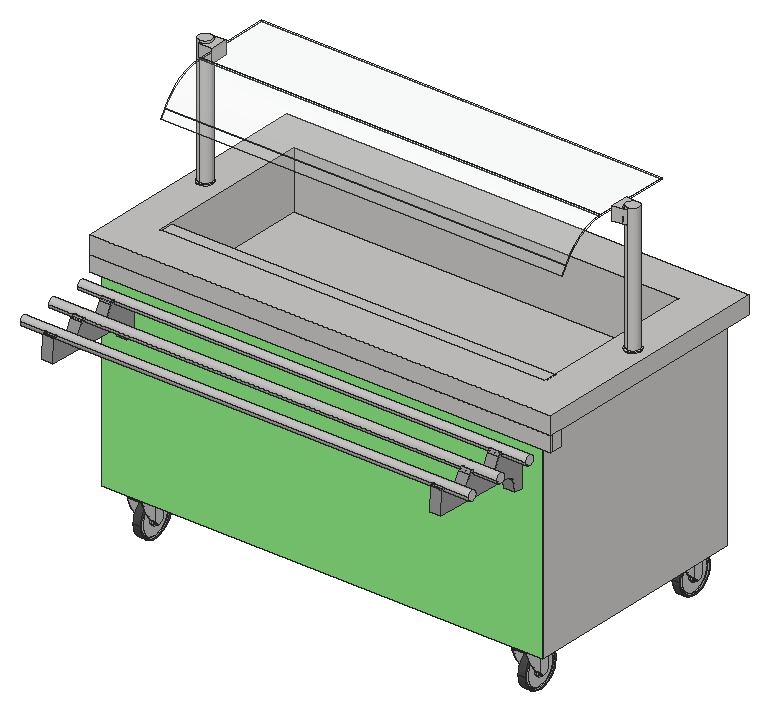
Revit family "QF_BOURGEAT_Self_Bain_marie_air_4GN", category Equipement spécialisé, Revit 2015
Parameters (values of type "4GN_reserve+roues+presentoir_neutre")
  URL catalogue = "http://www.bourgeat.fr/fr/"
  URL = ""
  Type de Raccord Electrique = ""
  Type article = ""
  Tension = 230 V
  Spécification du Fabricant = "Bain-marie Oasis"
  Roues = yes
  Remarques Electricité = ""
  Puissance électrique  = 4200 W
  Profondeur hors tout = 820 mm
  Poids net à vide = 190.00 kg
  Pieds = no
  lgmeuble = Longueur hors tout - 68 mm  # 1466 mm
  lgconsole = Longueur hors tout - 44 mm  # 1490 mm
  lg_presentoir = lgmeuble - 44 mm  # 1422 mm
  lg_porte = (lg_etagere / 2) + 10 mm  # 541 mm
  lg_etagere = lgmeuble - 404 mm  # 1062 mm
  Reserves = yes
  Presentoir = yes
  Phase = 2
  Nature isolant = "Laine de verre"
  Modèle = "851214+854950+851314"
  Longueur hors tout = 1534 mm
  Intensité nominale = 18.2609 A
  Indice de protection = "21"
  Hauteur hors tout = 1330 mm
  Fréquence = 50 Hz
  Fabricant = "BOURGEAT"
  Etageres = no
  Cuve à eau = no
  Cuve à air = yes
  Contact SAV = "0033 (0)4.76.32.14.44"
  Charge max = 200.00 kg
  Certification = "NF alimentaire"
Types (18, lengths in mm): name | Roues | Puissance électrique  | Poids net à vide | Pieds | Reserves | Presentoir | Modèle | Intensité nominale | Hauteur hors tout | Etageres
  4GN_baie_libre | no | 3300 W | 170.00 kg | yes | no | no | "851014" | 14.3478 A | 900 | no
  4GN_reserve | no | 4200 W | 170.00 kg | yes | yes | no | "851214" | 18.2609 A | 900 | no
  4GN_baie_libre+roues | no | 3300 W | 170.00 kg | no | yes | no | "851014+854950" | 14.3478 A | 900 | no
  4GN_baie_libre+etageres | no | 3300 W | 170.00 kg | yes | no | no | "851014+854933" | 14.3478 A | 900 | yes
  4GN_baie_libre+presentoir_neutre | no | 3300 W | 190.00 kg | yes | no | yes | "851014+851314" | 14.3478 A | 1330 | no
  4GN_baie_libre+presentoir_chauffant | no | 3940 W | 190.00 kg | yes | no | yes | "851014+851314" | 17.1304 A | 1330 | no
  4GN_baie_libre+roues+etageres | yes | 3300 W | 170.00 kg | no | yes | no | "851014+854950+854934" | 14.3478 A | 900 | yes
  4GN_baie_libre+roues+presentoir_neutre | yes | 3300 W | 190.00 kg | no | yes | yes | "851014+854950+851314" | 14.3478 A | 1330 | no
  4GN_baie_libre+roues+presentoir_chauffant | yes | 3940 W | 190.00 kg | no | yes | yes | "851014+854950+851304" | 17.1304 A | 1330 | no
  4GN_baie_libre+etageres+presentoir_chauffant | no | 3940 W | 190.00 kg | yes | no | yes | "851014+854933+851304" | 17.1304 A | 1330 | yes
  4GN_baie_libre+etageres+presentoir_neutre | no | 3300 W | 190.00 kg | yes | no | yes | "851014+854933+851314" | 14.3478 A | 1330 | yes
  4GN_baie_libre+roues+presentoir_chauffant_etageres | yes | 3940 W | 190.00 kg | no | yes | yes | "851014+854950+851304+854934" | 17.1304 A | 1330 | yes
  4GN_baie_libre+roues+presentoir_neutre_etageres | yes | 3300 W | 190.00 kg | no | yes | yes | "851014+854950+851314+854934" | 14.3478 A | 1330 | yes
  4GN_reserve+roues | yes | 4200 W | 170.00 kg | no | yes | no | "851214+854950" | 18.2609 A | 900 | no
  4GN_reserve+presentoir_neutre | no | 4200 W | 190.00 kg | yes | yes | yes | "851214+851314" | 18.2609 A | 1330 | no
  4GN_reserve+presentoir_chauffant | no | 4840 W | 190.00 kg | yes | yes | yes | "851214+851304" | 21.0435 A | 1330 | no
  4GN_reserve+roues+presentoir_neutre | yes | 4200 W | 190.00 kg | no | yes | yes | "851214+854950+851314" | 18.2609 A | 1330 | no
  4GN_reserve+roues+presentoir_chauffant | yes | 4800 W | 190.00 kg | no | yes | yes | "851214+854950+851304" | 21.0435 A | 1330 | no
Reference planes
  plane 1 "Centre (avant/arrière)": y = 0
  plane 2: z = 0
  plane 3 "Centre (gauche/droite)": x = 0
  plane 4: z = 235
  plane 5: z = 465
  plane 6: y = 820
  plane 7: z = 284
  plane 8: z = 640
  plane 9: y = 598
  plane 10: x = -1401
  plane 11: z = 765
  plane 12: x = -1380
  plane 13: x = -90
  plane 14: x = 0
  plane 15: x = -1466
Forms (mm)
  Extrusion 1, solid
    sketch origin (680, 0, 0) x (1, 0, 0) y (0, 1, 0)
      loop
        circle (-2081, 598) r 10
    from 147.743 to 160
Dimensions and locks
  locked: nested 2 to plane 2 at 905
  locked: plane 4 to plane 2 at 235
  locked: plane 6 to nested 1 at 47
  locked: plane 7 to plane 2 at 284
  nested 1 to plane 2 = 160 mm
  locked: plane 8 to plane 2 at 640
  locked: nested 1 to plane 9 at 175
  locked: nested 11 to plane 11 at 135
  nested 1 to plane 12 = 86 mm
  nested 1 to plane 13 = 90 mm
  locked: plane 13 to plane 14 at 90
  locked: plane 15 to plane 10 at 65
  aligned and locked: level to plane 2
  aligned and locked: plane 4 to nested 8
  aligned and locked: nested 9 to plane 5
  aligned and locked: nested 7 to nested 8
  aligned and locked: nested 9 to nested 1  (x2)
  aligned and locked: nested 7 to nested 1
  aligned and locked: nested 8 to nested 1  (x2)
  aligned and locked: nested 11 to plane 6
  aligned and locked: nested 10 to plane 6
  aligned and locked: nested 10 to nested 1  (x2)
  aligned and locked: nested 11 to nested 10
  aligned and locked: plane 1 "Centre (avant/arrière)" to nested 11  (x2)
  aligned and locked: nested 1 to nested 2
  aligned and locked: nested 2 to nested 11
  aligned and locked: nested 11 to nested 1
  aligned and locked: nested 4 to nested 11
  aligned and locked: nested 12 to nested 1
  aligned and locked: nested 12 to nested 9
  aligned and locked: nested 12 to nested 13
  aligned and locked: plane 2 to nested 4
  aligned and locked: nested 5 to plane 2
  aligned and locked: nested 6 to plane 2
  aligned and locked: nested 11 to nested 5
  aligned and locked: nested 11 to nested 6
  aligned and locked: nested 11 to nested 2
  aligned and locked: nested 1 to nested 14  (x2)
  aligned and locked: nested 14 to nested 1
  aligned and locked: nested 11 to nested 15
  aligned and locked: nested 3 to nested 11
  aligned and locked: nested 16 to nested 14  (x2)
  aligned and locked: nested 1 to nested 16
  aligned and locked: nested 15 to plane 7
  aligned and locked: nested 3 to nested 17  (x2)
  aligned and locked: nested 4 to nested 18  (x2)
  aligned and locked: nested 6 to nested 19  (x2)
  aligned and locked: nested 5 to nested 20  (x2)
  aligned and locked: plane 8 to nested 7
  aligned and locked: plane 10 to Extrusion 1 sketch curve
  aligned and locked: plane 9 to Extrusion 1 sketch curve
  aligned and locked: Extrusion 1 to nested 1
  aligned and locked: nested 1 to nested 21
  aligned and locked: nested 1 to nested 22
  aligned and locked: plane 11 to nested 21
  aligned and locked: nested 21 to plane 12
  aligned and locked: nested 13 to nested 1
  aligned and locked: nested 22 to plane 11
  aligned and locked: nested 22 to plane 13
  aligned and locked: nested 1 to plane 14
  aligned and locked: plane 3 "Centre (gauche/droite)" to plane 14
  aligned and locked: plane 15 to nested 1
Nested families
  nested 1: "corps_meuble" at (0, 8, 160), type "corps_meuble"
    with lg_meuble 1466 mm
  nested 2: "presentoir" at (-733, 410, 551.997) x (0, 1, 0) z (0, 0, 1), visible <- "Presentoir", type "presentoir"
    with lg_presentoir 1422 mm
  nested 3: "pied" at (-1373, 720, 0), visible <- "Pieds", type "pied"
  nested 4: "pied" at (-1373, 58.814, 0), visible <- "Pieds", type "pied"
  nested 5: "pied" at (-93, 700, 0), visible <- "Pieds", type "pied"
  nested 6: "pied" at (-93, 58.814, 0), visible <- "Pieds", type "pied"
  nested 7: "barre_et_console" at (-733, 8, 465) x (-1, 0, 0) z (0, 0, 1), type "barre_et_console"
    with lg_barre_console 1490 mm
  nested 8: "etagere" at (-733, 88, 197) x (-1, 0, 0) z (0, 0, 1), visible <- "Etageres", type "etagere"
    with lg_etagere 1062 mm
  nested 9: "etagere" at (-733, 88, 427) x (-1, 0, 0) z (0, 0, 1), visible <- "Etageres", type "etagere"
    with lg_etagere 1062 mm
  nested 10: "cuve" at (-733, 410, 708), visible <- "Cuve à air", type "cuve_air"
    with lg_cuve 1534 mm, lg_bloc_ventillation 1280 mm
  nested 11: "cuve" at (-733, 410, 708), visible <- "Cuve à eau", type "cuve_eau"
    with lg_cuve 1534 mm, lg_bloc_ventillation 1280 mm
  nested 12: "porte" at (-723, 735, 160), visible <- "Reserves", type "porte"
    with lg_porte 541 mm
  nested 13: "porte" at (-202, 757, 160), visible <- "Reserves", type "porte"
    with lg_porte 541 mm
  nested 14: "bandeau" at (-733, 773, 657), type "bandeau"
    with lg_bandeau 1062 mm
  nested 15: "IHM" at (-2953.78, 529.137, -323.91) x (-1, 0, 0) z (0, 0, 1), type "IHM"
  nested 16: "rail_porte" at (-733, 763, 567), visible <- "Reserves", type "rail_porte"
    with lg_rail 1062 mm
  nested 17: "roue_ht160" at (-1373, 720, 0), visible <- "Roues", type "roue_ht160"
    with Sans frein yes, Avec frein yes
  nested 18: "roue_ht160" at (-1373, 58.814, 0), visible <- "Roues", type "roue_ht160"
    with Sans frein yes, Avec frein no
  nested 19: "roue_ht160" at (-93, 58.814, 0), visible <- "Roues", type "roue_ht160"
    with Sans frein yes, Avec frein no
  nested 20: "roue_ht160" at (-93, 700, 0), visible <- "Roues", type "roue_ht160"
    with Sans frein yes, Avec frein yes
  nested 21: "Prise" at (-1337, 798, 722), type "Prise"
  nested 22: "Prise" at (-133, 798, 722), type "Prise"
Connectors
  electrical at (-1401, 598, 147.743), driven by "Tension"
    settings: on Extrusion 1, index 1, voltage 230 V, apparent load 0 VA, apparent load phase1 3300 VA, apparent load phase2 0 VA, apparent load phase3 0 VA, power factor 1, load classification "Autre", number of poles 1, system type 30, power factor state 1, is connector primary yes, connector utility no, sub classification motor no, connector description ""
Definition of nested family "corps_meuble"
  Parameters (values of type "corps_meuble")
    lg_meuble = 1141 mm
  Reference planes
    plane 1 "Centre (avant/arrière)": y = 0
    plane 2: z = 0
    plane 3 "Centre (gauche/droite)": x = 0
    plane 4: x = -480.227
    plane 5: z = 680
    plane 6: x = -570.5
    plane 7: x = -379.227
    plane 8: x = -1141
    plane 9: x = -1091
    plane 10: x = -202
    plane 11: x = -50
    plane 12: x = -939
    plane 13: y = -1
  Forms (mm)
    Extrusion 1, solid
      sketch origin (-379.227, -50.814, 0) x (1, 0, 0) y (0, 1, 0)
        loop
          line (-761.773, 815.814) -> (-761.773, 50.814) -> (379.227, 50.814) -> (379.227, 815.814) -> (177.227, 815.814) -> (177.227, 130.814) -> (-559.773, 130.814) -> (-559.773, 815.814) -> (-761.773, 815.814)
      from 0 to 680
    Extrusion 2, void
      sketch origin (-379.227, 0, 0) x (1, 0, 0) y (0, 1, 0)
        loop
          line (-711.773, 699.99) -> (-711.773, 119.99) -> (329.227, 119.99) -> (329.227, 699.99) -> (-711.773, 699.99)
      from 541.178 to 680
    Extrusion 3, solid
      sketch origin (0, 0, 0) x (1, 0, 0) y (0, 0, 1)
        loop
          line (-1141, 680) -> (-1141, 0) -> (0, 0) -> (0, 680) -> (-1141, 680)
      from 0 to 1
  Cuts and joins
    Extrusion 2 cuts Extrusion 1
  Dimensions and locks
    locked: plane 5 to plane 2 at 680
    locked: plane 8 to plane 9 at 50
    locked: plane 10 to plane 3 "Centre (gauche/droite)" at 202
    locked: plane 11 to plane 3 "Centre (gauche/droite)" at 50
    equal spacing: plane 8, plane 6, plane 3 "Centre (gauche/droite)"
    "lg_meuble": plane 8 to plane 3 "Centre (gauche/droite)"
    locked: plane 8 to plane 12 at 202
    aligned and locked: level to plane 2
    aligned and locked: plane 5 to Extrusion 1
    aligned and locked: cut or joined group of Extrusion 1, Extrusion 2 to plane 8
    aligned and locked: Extrusion 2 to plane 9
    aligned and locked: Extrusion 1 to plane 10
    aligned and locked: plane 11 to cut or joined group of Extrusion 1, Extrusion 2
    aligned and locked: plane 12 to cut or joined group of Extrusion 1, Extrusion 2
    aligned and locked: Extrusion 3 sketch curve to cut or joined group of Extrusion 1, Extrusion 2  (x4)
    aligned and locked: Extrusion 3 to plane 13
  Automatic sketch dimensions
    Extrusion 1 sketch curve to plane 8 = 0 mm
    Extrusion 1 sketch curve to plane 10 = 0 mm
    plane 1 "Centre (avant/arrière)" to Extrusion 1 sketch curve = 0 mm
    Extrusion 1 sketch curve to plane 3 "Centre (gauche/droite)" = 0 mm
    Extrusion 1 sketch curve to plane 1 "Centre (avant/arrière)" = 80 mm
    Extrusion 1 sketch curve to plane 6 = 368.5 mm
    Extrusion 1 sketch curve to Extrusion 1 sketch curve = 685 mm
    Extrusion 1 sketch curve to Extrusion 1 sketch curve = 765 mm
    Extrusion 2 sketch curve to plane 9 = 0 mm
    Extrusion 2 sketch curve to plane 11 = 0 mm
    Extrusion 2 sketch curve to plane 1 "Centre (avant/arrière)" = 119.99 mm
    Extrusion 2 sketch curve to Extrusion 2 sketch curve = 580 mm
Definition of nested family "presentoir"
  Parameters (values of type "presentoir")
    lg_presentoir = 1097 mm
  Reference planes
    plane 1 "Centre (avant/arrière)": y = 0
    plane 2: z = 0
    plane 3 "Centre (gauche/droite)": x = 0
    plane 4: x = 0
    plane 5: y = 0
    plane 6: z = 348.003
    plane 7: z = 775.003
    plane 8: z = 353.003
    plane 9: z = 770.54
    plane 10: z = 727.003
    plane 11: y = 548.5
    plane 12: y = -548.5
    plane 13: y = 548.5
    plane 14: y = -548.5
  Forms (mm)
    Extrusion 1, solid
      sketch origin (0, 0, 0) x (1, 0, 0) y (0, 0, 1)
        loop
          line (-240.07, 650.474) -> (-234.874, 647.474) -> (-219.875, 673.453)
          arc (-219.875, 673.453) -> (-158.748, 734.58) -> (-75.248, 756.953) r 167
          line (-75.248, 756.953) -> (179.75, 756.953) -> (179.75, 762.953) -> (-75.248, 762.953)
          arc (-75.248, 762.953) -> (-161.33, 740.45) -> (-224.372, 677.664) r 170.59
          line (-224.372, 677.664) -> (-240.07, 650.474)
      from -503.5 to 503.5
    Extrusion 2, solid
      sketch origin (0, 0, 0) x (1, 0, 0) y (0, 1, 0)
        loop
          line (-25, 548.5) -> (-30.461, 503.5) -> (30.461, 503.5) -> (25, 548.5)
          arc (25, 548.5) -> (0, 523.5) -> (-25, 548.5) r 25
        loop
          arc (-25, -548.5) -> (0, -523.5) -> (25, -548.5) r 25
          line (25, -548.5) -> (30.461, -503.5) -> (-30.461, -503.5) -> (-25, -548.5)
      from 727.003 to 770.54
    Extrusion 3, solid
      sketch origin (0, -396.5, 0) x (1, 0, 0) y (0, 1, 0)
        loop
          circle (0, 945) r 21.2
        loop
          circle (0, -152) r 21.2
      from 353.003 to 775.003
    Revolve 4, solid
      sketch origin (0, 0, 0) x (0, 1, 0) y (0, 0, 1)
        loop
          line (-548.5, 353.003) -> (-569.7, 353.003) -> (-573.5, 349.203) -> (-573.5, 348.003) -> (-548.5, 348.003) -> (-548.5, 353.003)
        axis (-548.5, 353.003) -> (-548.5, 348.003)
      angle from 0 to 360
    Revolve 5, solid
      sketch origin (0, 0, 0) x (0, -1, 0) y (0, 0, 1)
        loop
          line (-548.5, 353.003) -> (-569.7, 353.003) -> (-573.5, 349.203) -> (-573.5, 348.003) -> (-548.5, 348.003) -> (-548.5, 353.003)
        axis (-548.5, 353.003) -> (-548.5, 348.003)
      angle from 0 to 360
  Dimensions and locks
    equal spacing: plane 11, plane 1 "Centre (avant/arrière)", plane 12
    "lg_presentoir": plane 11 to plane 12
    locked: Extrusion 2 sketch curve to plane 14 at 45
    locked: plane 13 to Extrusion 2 sketch curve at 45
    aligned and locked: level to plane 2
    aligned and locked: plane 3 "Centre (gauche/droite)" to plane 4
    aligned and locked: Extrusion 3 to plane 7
    aligned and locked: plane 8 to Extrusion 3
    aligned and locked: Extrusion 2 to plane 9
    aligned and locked: plane 10 to Extrusion 2
    aligned and locked: plane 1 "Centre (avant/arrière)" to plane 5
    aligned and locked: plane 11 to Extrusion 3
    aligned and locked: plane 12 to Extrusion 3
    aligned and locked: plane 13 to plane 11
    aligned and locked: plane 14 to plane 12
    aligned and locked: Extrusion 1 to Extrusion 2  (x2)
  Automatic sketch dimensions
    Extrusion 1 sketch curve to plane 3 "Centre (gauche/droite)" = 240.07 mm
    plane 10 to Extrusion 1 sketch curve = 79.529 mm
    Extrusion 1 sketch curve to Extrusion 1 sketch curve = 5.196 mm
    plane 10 to Extrusion 1 sketch curve = 49.34 mm
    Extrusion 1 sketch curve to Extrusion 1 sketch curve = 15.698 mm
    plane 10 to Extrusion 1 sketch curve = 53.55 mm
    Extrusion 1 sketch curve to plane 3 "Centre (gauche/droite)" = 76.636 mm
    Extrusion 1 sketch curve to Extrusion 1 sketch curve = 1.388 mm
    Extrusion 1 sketch curve to Extrusion 1 sketch curve = 0 mm
    plane 9 to Extrusion 1 sketch curve = 13.587 mm
    plane 3 "Centre (gauche/droite)" to Extrusion 1 sketch curve = 179.75 mm
    Extrusion 1 sketch curve to Extrusion 1 sketch curve = 2.415 mm
    Extrusion 2 sketch curve to plane 14 = 0 mm
    plane 11 to Extrusion 2 sketch curve = 0 mm
    Extrusion 2 sketch curve to plane 3 "Centre (gauche/droite)" = 0 mm  (x2)
    Extrusion 2 sketch curve to Extrusion 2 sketch curve = 25 mm  (x2)
    Extrusion 2 sketch curve to plane 3 "Centre (gauche/droite)" = 30.461 mm  (x2)
    plane 3 "Centre (gauche/droite)" to Extrusion 2 sketch curve = 30.461 mm  (x2)
    Extrusion 3 sketch curve to plane 3 "Centre (gauche/droite)" = 0 mm  (x2)
    Extrusion 3 sketch curve to plane 12 = 0 mm
    plane 11 to Extrusion 3 sketch curve = 0 mm
    Revolve 4 sketch curve to plane 6 = 0 mm
    Revolve 4 sketch curve to plane 8 = 0 mm
    Revolve 4 sketch curve to plane 12 = 0 mm  (x2)
    Revolve 4 sketch curve to Revolve 4 sketch curve = 21.2 mm
    Revolve 4 sketch curve to Revolve 4 sketch curve = 3.8 mm
    Revolve 4 sketch curve to Revolve 4 sketch curve = 1.2 mm
    Revolve 4 sketch curve to plane 6 = 14.256 mm
    plane 8 to Revolve 4 sketch curve = 30.744 mm
    Revolve 5 sketch curve to plane 6 = 0 mm
    plane 8 to Revolve 5 sketch curve = 0 mm
    Revolve 5 sketch curve to plane 11 = 0 mm  (x2)
    Revolve 5 sketch curve to plane 11 = 21.2 mm
    Revolve 5 sketch curve to Revolve 5 sketch curve = 3.8 mm
    Revolve 5 sketch curve to Revolve 5 sketch curve = 1.2 mm
    plane 6 to Revolve 5 sketch curve = 14.256 mm
    Revolve 5 sketch curve to Revolve 5 sketch curve = 30.744 mm
    radius of Extrusion 3 sketch curve = 21.2 mm  (x2)
Definition of nested family "pied"
  Reference planes
    plane 1 "Centre (avant/arrière)": y = 0
    plane 2: z = 0
    plane 3 "Centre (gauche/droite)": x = 0
  Forms (mm)
    Revolve 1, solid
      sketch origin (0, 0, 0) x (1, 0, 0) y (0, 0, 1)
        loop
          line (0, 160) -> (-33, 160) -> (-33, 70) -> (-28, 70) -> (-28, 0) -> (0, 0) -> (0, 160)
        axis (0, 160) -> (0, 0)
      angle from 0 to 360
  Dimensions and locks
    plane 3 "Centre (gauche/droite)" to Revolve 1 sketch curve = 28 mm
    Revolve 1 sketch curve to plane 3 "Centre (gauche/droite)" = 33 mm
    Revolve 1 sketch curve to plane 2 = 70 mm
    Revolve 1 sketch curve to Revolve 1 sketch curve = 90 mm
    aligned and locked: level to plane 2
Definition of nested family "barre_et_console"
  Parameters (values of type "barre_et_console")
    lg_barre_console = 1165 mm
  Reference planes
    plane 1 "Centre (avant/arrière)": y = 0
    plane 2: z = 0
    plane 3 "Centre (gauche/droite)": x = 0
    plane 4: x = -582.5
    plane 5: x = 582.5
    plane 6: x = -482.5
    plane 7: x = 482.5
    plane 8: z = 320.378
    plane 9: z = 175
  Dimensions and locks
    locked: plane 4 to plane 6 at 100
    locked: plane 7 to plane 5 at 100
    equal spacing: plane 4, plane 3 "Centre (gauche/droite)", plane 5
    "lg_barre_console": plane 4 to plane 5
    aligned and locked: level to plane 2
    aligned and locked: nested 1 to plane 1 "Centre (avant/arrière)"
    aligned and locked: plane 6 to nested 1
    aligned and locked: plane 7 to nested 2
    aligned and locked: plane 5 to nested 3
    aligned and locked: nested 3 to plane 4
    aligned and locked: plane 8 to nested 3
    aligned and locked: plane 9 to nested 1
  Nested families
    nested 1: "console" at (-482.5, 0, 0) x (0, 1, 0) z (0, 0, 1), type "console"
    nested 2: "console" at (482.5, 0, 0) x (0, 1, 0) z (0, 0, 1), type "console"
    nested 3: "barre" at (582.5, 0, 19.415) x (0, 1, 0) z (0, 0, 1), type "barre"
  Definition of nested family "console"
    Reference planes
      plane 1 "Centre (avant/arrière)": y = 0
      plane 2: z = 0
      plane 3 "Centre (gauche/droite)": x = 0
      plane 4: y = 18
      plane 5: y = -18
      plane 6: y = 0
    Forms (mm)
      Extrusion 1, solid
        sketch origin (-12.245, 0, 175) x (1, 0, 0) y (0, 0, 1)
          loop
            line (12.245, 100) -> (12.245, 0) -> (39.579, 4.82) -> (50.894, 44.279)
            arc (50.894, 44.279) -> (55.986, 52.254) -> (64.592, 56.187) r 16.714
            line (64.592, 56.187) -> (348.499, 69.146) -> (343.309, 143.358)
            arc (343.309, 143.358) -> (342.973, 144.595) -> (342.189, 145.609) r 3.292
            line (342.189, 145.609) -> (337.923, 148.439)
            arc (337.923, 148.439) -> (337.371, 148.545) -> (336.906, 148.229) r 0.731
            arc (336.906, 148.229) -> (320.176, 130.386) -> (309.012, 152.149) r 14.958
            arc (309.012, 152.149) -> (308.597, 152.587) -> (308.001, 152.491) r 0.646
            line (308.001, 152.491) -> (297.265, 144.401) -> (278.874, 108.385)
            arc (278.874, 108.385) -> (262.102, 99.164) -> (245.329, 108.385) r 19.864
            line (245.329, 108.385) -> (229.634, 139.188) -> (217.945, 148.321)
            arc (217.945, 148.321) -> (217.306, 148.53) -> (216.976, 147.944) r 0.53
            arc (216.976, 147.944) -> (200.124, 130.629) -> (188.973, 152.064) r 14.905
            arc (188.973, 152.064) -> (188.691, 152.524) -> (188.154, 152.476) r 0.511
            line (188.154, 152.476) -> (177.098, 144.144) -> (158.855, 108.341)
            arc (158.855, 108.341) -> (142.039, 98.901) -> (125.223, 108.341) r 19.698
            line (125.223, 108.341) -> (109.334, 139.526) -> (97.932, 148.434)
            arc (97.932, 148.434) -> (97.187, 148.438) -> (96.994, 147.718) r 0.61
            arc (96.994, 147.718) -> (79.923, 130.663) -> (69.024, 152.192) r 14.902
            arc (69.024, 152.192) -> (68.66, 152.548) -> (68.158, 152.464) r 0.563
            line (68.158, 152.464) -> (57.103, 144.336) -> (39.164, 108.745)
            arc (39.164, 108.745) -> (33.443, 102.448) -> (25.295, 100) r 15.908
            line (25.295, 100) -> (12.245, 100)
        from -18 to 18
    Dimensions and locks
      plane 4 to plane 5 = 36 mm
      equal spacing: plane 4, plane 6, plane 5, locked at 18 each
      aligned and locked: level to plane 2
      aligned and locked: plane 4 to Extrusion 1
      aligned and locked: Extrusion 1 to plane 5
      aligned and locked: plane 6 to plane 1 "Centre (avant/arrière)"
      aligned and locked: Extrusion 1 to plane 3 "Centre (gauche/droite)"
    Automatic sketch dimensions
      Extrusion 1 sketch curve to Extrusion 1 sketch curve = 12.714 mm
      Extrusion 1 sketch curve to Extrusion 1 sketch curve = 13.05 mm
      Extrusion 1 sketch curve to Extrusion 1 sketch curve = 14.206 mm
      Extrusion 1 sketch curve to Extrusion 1 sketch curve = 27.334 mm
      Extrusion 1 sketch curve to Extrusion 1 sketch curve = 11.315 mm
      Extrusion 1 sketch curve to Extrusion 1 sketch curve = 17.938 mm
      Extrusion 1 sketch curve to Extrusion 1 sketch curve = 13.698 mm
      Extrusion 1 sketch curve to Extrusion 1 sketch curve = 16.057 mm
      Extrusion 1 sketch curve to Extrusion 1 sketch curve = 11.055 mm
      Extrusion 1 sketch curve to Extrusion 1 sketch curve = 0.333 mm
      Extrusion 1 sketch curve to Extrusion 1 sketch curve = 13.785 mm
      Extrusion 1 sketch curve to Extrusion 1 sketch curve = 15.28 mm
      Extrusion 1 sketch curve to Extrusion 1 sketch curve = 0.376 mm
      Extrusion 1 sketch curve to Extrusion 1 sketch curve = 11.401 mm
      Extrusion 1 sketch curve to Extrusion 1 sketch curve = 15.89 mm
      Extrusion 1 sketch curve to Extrusion 1 sketch curve = 16.816 mm  (x2)
      Extrusion 1 sketch curve to Extrusion 1 sketch curve = 18.243 mm
      Extrusion 1 sketch curve to Extrusion 1 sketch curve = 11.057 mm
      Extrusion 1 sketch curve to Extrusion 1 sketch curve = 0.308 mm
      Extrusion 1 sketch curve to Extrusion 1 sketch curve = 13.831 mm
      Extrusion 1 sketch curve to Extrusion 1 sketch curve = 15.204 mm
      Extrusion 1 sketch curve to Extrusion 1 sketch curve = 0.447 mm
      Extrusion 1 sketch curve to Extrusion 1 sketch curve = 11.69 mm
      Extrusion 1 sketch curve to Extrusion 1 sketch curve = 15.695 mm
      Extrusion 1 sketch curve to Extrusion 1 sketch curve = 16.772 mm  (x2)
      Extrusion 1 sketch curve to Extrusion 1 sketch curve = 18.391 mm
      Extrusion 1 sketch curve to Extrusion 1 sketch curve = 10.737 mm
      Extrusion 1 sketch curve to Extrusion 1 sketch curve = 0.389 mm
      Extrusion 1 sketch curve to Extrusion 1 sketch curve = 13.868 mm
      Extrusion 1 sketch curve to Extrusion 1 sketch curve = 15.261 mm
      Extrusion 1 sketch curve to Extrusion 1 sketch curve = 0.404 mm
      Extrusion 1 sketch curve to Extrusion 1 sketch curve = 2.506 mm
      Extrusion 1 sketch curve to Extrusion 1 sketch curve = 2.164 mm
      Extrusion 1 sketch curve to Extrusion 1 sketch curve = 1.12 mm
      Extrusion 1 sketch curve to Extrusion 1 sketch curve = 5.189 mm
      Extrusion 1 sketch curve to Extrusion 1 sketch curve = 4.639 mm
      Extrusion 1 sketch curve to Extrusion 1 sketch curve = 55.721 mm
      Extrusion 1 sketch curve to Extrusion 1 sketch curve = 8.745 mm
      Extrusion 1 sketch curve to Extrusion 1 sketch curve = 10.259 mm
      Extrusion 1 sketch curve to Extrusion 1 sketch curve = 10.642 mm
      Extrusion 1 sketch curve to Extrusion 1 sketch curve = 9.133 mm
      Extrusion 1 sketch curve to Extrusion 1 sketch curve = 31.185 mm
      Extrusion 1 sketch curve to Extrusion 1 sketch curve = 35.803 mm
      Extrusion 1 sketch curve to Extrusion 1 sketch curve = 35.592 mm
      Extrusion 1 sketch curve to Extrusion 1 sketch curve = 3.24 mm
      Extrusion 1 sketch curve to Extrusion 1 sketch curve = 2.946 mm
      Extrusion 1 sketch curve to Extrusion 1 sketch curve = 1.042 mm
      Extrusion 1 sketch curve to Extrusion 1 sketch curve = 0.609 mm
      Extrusion 1 sketch curve to Extrusion 1 sketch curve = 8.427 mm
      Extrusion 1 sketch curve to Extrusion 1 sketch curve = 0.286 mm
      Extrusion 1 sketch curve to Extrusion 1 sketch curve = 0.481 mm
      Extrusion 1 sketch curve to Extrusion 1 sketch curve = 0.516 mm
      Extrusion 1 sketch curve to Extrusion 1 sketch curve = 7.674 mm
      Extrusion 1 sketch curve to Extrusion 1 sketch curve = 7.924 mm
      Extrusion 1 sketch curve to Extrusion 1 sketch curve = 0.453 mm
      Extrusion 1 sketch curve to Extrusion 1 sketch curve = 0.408 mm
      Extrusion 1 sketch curve to Extrusion 1 sketch curve = 0.533 mm
      Extrusion 1 sketch curve to Extrusion 1 sketch curve = 0.511 mm
      Extrusion 1 sketch curve to Extrusion 1 sketch curve = 0.622 mm
      Extrusion 1 sketch curve to Extrusion 1 sketch curve = 4.82 mm
      Extrusion 1 sketch curve to Extrusion 1 sketch curve = 34.82 mm
      Extrusion 1 sketch curve to Extrusion 1 sketch curve = 76.232 mm
      Extrusion 1 sketch curve to Extrusion 1 sketch curve = 37.038 mm
      Extrusion 1 sketch curve to Extrusion 1 sketch curve = 39.239 mm
      Extrusion 1 sketch curve to Extrusion 1 sketch curve = 30.803 mm
      Extrusion 1 sketch curve to Extrusion 1 sketch curve = 34.743 mm
      Extrusion 1 sketch curve to Extrusion 1 sketch curve = 0.23 mm
      Extrusion 1 sketch curve to Extrusion 1 sketch curve = 36.015 mm
      Extrusion 1 sketch curve to Extrusion 1 sketch curve = 2.071 mm
      Extrusion 1 sketch curve to Extrusion 1 sketch curve = 7.575 mm
      Extrusion 1 sketch curve to plane 3 "Centre (gauche/droite)" = 0 mm
      level to Extrusion 1 sketch curve = 175 mm
  Definition of nested family "barre"
    Parameters (values of type "barre")
      lg_barre = 1165 mm
    Reference planes
      plane 1 "Centre (avant/arrière)": y = 0
      plane 2: z = 0
      plane 3 "Centre (gauche/droite)": x = 0
      plane 4: x = 70
      plane 5: x = 190
      plane 6: x = 309
      plane 7: z = 300.963
      plane 8: z = 94.658
      plane 9: y = 0
      plane 10: y = 1165
    Forms (mm)
      Extrusion 1, solid
        sketch origin (0, 0, 0) x (1, 0, 0) y (0, 0, 1)
          loop
            circle (70, 300.963) r 15
          loop
            circle (190, 300.963) r 15
          loop
            circle (309, 300.963) r 15
        from 0 to -1165
    Dimensions and locks
      plane 4 to plane 3 "Centre (gauche/droite)" = 70 mm
      plane 6 to plane 5 to plane 4 = 119 mm, 120 mm
      "lg_barre": plane 10 to plane 1 "Centre (avant/arrière)"
      aligned and locked: level to plane 2
      aligned and locked: Extrusion 1 to plane 9
      aligned and locked: plane 9 to plane 1 "Centre (avant/arrière)"
      aligned and locked: plane 10 to Extrusion 1
    Automatic sketch dimensions
      Extrusion 1 sketch curve to plane 4 = 0 mm
      Extrusion 1 sketch curve to plane 5 = 0 mm
      Extrusion 1 sketch curve to plane 6 = 0 mm
      Extrusion 1 sketch curve to plane 7 = 0 mm  (x3)
      radius of Extrusion 1 sketch curve = 15 mm  (x3)
Definition of nested family "etagere"
  Parameters (values of type "etagere")
    lg_etagere = 1712 mm
  Reference planes
    plane 1 "Centre (avant/arrière)": y = 0
    plane 2: z = 0
    plane 3 "Centre (gauche/droite)": x = 0
    plane 4: y = -625
    plane 5: y = -623
    plane 6: y = -2
    plane 7: x = 0
  Forms (mm)
    Extrusion 1, solid
      sketch origin (0, 0, 0) x (0, 1, 0) y (0, 0, 1)
        loop
          line (0, 119.481) -> (-2, 119.481) -> (-2, 40) -> (-625, 40) -> (-625, 0) -> (-623, 0) -> (-623, 38) -> (0, 38) -> (0, 119.481)
      from -856 to 856
  Dimensions and locks
    locked: plane 6 to plane 1 "Centre (avant/arrière)" at 2
    locked: plane 4 to plane 5 at 2
    plane 4 to plane 1 "Centre (avant/arrière)" = 625 mm
    equal spacing: Extrusion 1, plane 7, Extrusion 1
    "lg_etagere": Extrusion 1 to Extrusion 1
    aligned and locked: level to plane 2
    aligned and locked: plane 2 to Extrusion 1 sketch curve
    aligned and locked: plane 1 "Centre (avant/arrière)" to Extrusion 1 sketch curve
    aligned and locked: plane 4 to Extrusion 1
    aligned and locked: plane 5 to Extrusion 1
    aligned and locked: Extrusion 1 to plane 6
    aligned and locked: plane 3 "Centre (gauche/droite)" to plane 7
  Automatic sketch dimensions
    Extrusion 1 sketch curve to plane 4 = 0 mm
    Extrusion 1 sketch curve to plane 5 = 0 mm
    Extrusion 1 sketch curve to plane 6 = 0 mm
    level to Extrusion 1 sketch curve = 38 mm
    Extrusion 1 sketch curve to Extrusion 1 sketch curve = 2 mm
    Extrusion 1 sketch curve to Extrusion 1 sketch curve = 79.481 mm
Definition of nested family "cuve"
  Parameters (values of type "cuve_eau")
    type_cuve = 178 mm
    lg_cuve = 1209 mm
    lg_bloc_ventillation = lg_cuve - 254 mm  # 955 mm
    bloc_ventillation = no
  Types (2, lengths in mm): name | type_cuve | bloc_ventillation
    cuve_air | 132 | yes
    cuve_eau | 178 | no
  Reference planes
    plane 1 "Centre (avant/arrière)": y = 0
    plane 2: z = 0
    plane 3 "Centre (gauche/droite)": x = 0
    plane 4: y = 410
    plane 5: y = -410
    plane 6: x = -604.5
    plane 7: x = 604.5
    plane 8: z = 192
    plane 9: y = 232
    plane 10: y = -278
    plane 11: x = 477.5
    plane 12: x = -477.5
    plane 13: z = 2
    plane 14: y = -280
    plane 15: x = -479.5
    plane 16: y = 234
    plane 17: x = 479.5
    plane 18: z = 132
    plane 19: y = -408
    plane 20: z = 82
  Forms (mm)
    Extrusion 1, solid
      sketch origin (12, -10, 0) x (1, 0, 0) y (0, 1, 0)
        loop
          line (-616.5, 420) -> (-616.5, -400) -> (592.5, -400) -> (592.5, 420) -> (-616.5, 420)
      from 0 to 192
    Extrusion 2, void
      sketch origin (0, 0, 0) x (1, 0, 0) y (0, 1, 0)
        loop
          line (-477.5, 232) -> (-477.5, -278) -> (477.5, -278) -> (477.5, 232) -> (-477.5, 232)
      from 2 to 250
    Extrusion 3, void
      sketch origin (0, 0, 0) x (1, 0, 0) y (0, 1, 0)
        loop
          line (-479.5, 234) -> (-479.5, -280) -> (479.5, -280) -> (479.5, 234) -> (-479.5, 234)
        loop
          line (-674.5, 480) -> (-674.5, -480) -> (674.5, -480) -> (674.5, 480) -> (-674.5, 480)
      from 0 to 132
    Extrusion 4, solid
      sketch origin (0, 0, 0) x (1, 0, 0) y (0, 1, 0)
        loop
          line (-604.5, -408) -> (-604.5, -410) -> (604.5, -410) -> (604.5, -408) -> (-604.5, -408)
      from 82 to 132
    Extrusion 5, solid
      sketch origin (0, 0, 0) x (0, 1, 0) y (0, 0, 1)
        loop
          line (-408, 82) -> (-370, 82) -> (-370, 132) -> (-408, 132) -> (-408, 82)
      from -604.5 to 604.5
  Cuts and joins
    Extrusion 2, Extrusion 3 cuts Extrusion 1
  Dimensions and locks
    equal spacing: plane 4, plane 1 "Centre (avant/arrière)", plane 5, locked at 410 each
    plane 4 to plane 5 = 820 mm
    equal spacing: plane 6, plane 3 "Centre (gauche/droite)", plane 7
    "lg_cuve": plane 6 to plane 7
    locked: plane 8 to plane 2 at 192
    locked: plane 13 to plane 2 at 2
    locked: plane 5 to plane 10 at 132
    "type_cuve": plane 4 to plane 9
    locked: plane 11 to plane 7 at 127
    locked: plane 6 to plane 12 at 127
    locked: plane 16 to plane 9 at 2
    locked: plane 15 to plane 12 at 2
    locked: plane 14 to plane 10 at 2
    locked: plane 11 to plane 17 at 2
    locked: Extrusion 3 sketch curve to plane 6 at 70
    locked: Extrusion 3 sketch curve to plane 5 at 70
    locked: plane 7 to Extrusion 3 sketch curve at 70
    locked: Extrusion 3 sketch curve to plane 4 at 70
    locked: plane 8 to plane 18 at 60
    locked: plane 5 to plane 19 at 2
    aligned and locked: plane 2 to level
    aligned and locked: plane 6 to Extrusion 1 sketch curve
    aligned and locked: Extrusion 1 sketch curve to plane 7
    aligned and locked: plane 8 to Extrusion 1
    aligned and locked: plane 4 to Extrusion 1
    aligned and locked: plane 5 to Extrusion 1
    aligned and locked: Extrusion 2 sketch curve to plane 9
    aligned and locked: Extrusion 2 sketch curve to plane 12
    aligned and locked: Extrusion 2 sketch curve to plane 10
    aligned and locked: Extrusion 2 sketch curve to plane 11
    aligned and locked: cut or joined group of Extrusion 1, Extrusion 2, Extrusion 3 to plane 13
    aligned and locked: Extrusion 3 sketch curve to plane 16
    aligned and locked: Extrusion 3 sketch curve to plane 15
    aligned and locked: Extrusion 3 sketch curve to plane 14
    aligned and locked: Extrusion 3 sketch curve to plane 17
    aligned and locked: cut or joined group of Extrusion 1, Extrusion 2, Extrusion 3 to plane 18
    aligned and locked: Extrusion 4 sketch curve to plane 19
    aligned and locked: plane 6 to Extrusion 4 sketch curve
    aligned and locked: Extrusion 4 sketch curve to cut or joined group of Extrusion 1, Extrusion 2, Extrusion 3  (x2)
    aligned and locked: Extrusion 4 to cut or joined group of Extrusion 1, Extrusion 2, Extrusion 3
    aligned and locked: Extrusion 4 to plane 20
    aligned and locked: plane 18 to Extrusion 5 sketch curve
    aligned and locked: Extrusion 5 sketch curve to plane 20
    aligned and locked: Extrusion 4 to Extrusion 5 sketch curve
    aligned and locked: cut or joined group of Extrusion 1, Extrusion 2, Extrusion 3 to Extrusion 5
    aligned and locked: Extrusion 5 to cut or joined group of Extrusion 1, Extrusion 2, Extrusion 3
    aligned and locked: plane 3 "Centre (gauche/droite)" to nested 1
    aligned and locked: nested 1 to cut or joined group of Extrusion 1, Extrusion 2, Extrusion 3
  Automatic sketch dimensions
    Extrusion 1 sketch curve to plane 5 = 0 mm
    plane 4 to Extrusion 1 sketch curve = 0 mm
    Extrusion 5 sketch curve to plane 5 = 2 mm
    Extrusion 5 sketch curve to Extrusion 5 sketch curve = 38 mm
  Nested families
    nested 1: "bloc_ventillation_cuve_air" at (0, -232, 0), visible <- "bloc_ventillation", type "bloc_ventillation_cuve_air"
  Definition of nested family "bloc_ventillation_cuve_air"
    Parameters (values of type "bloc_ventillation_cuve_air")
      lg_bloc_ventillation = 955 mm
    Reference planes
      plane 1 "Centre (avant/arrière)": y = 0
      plane 2: z = 0
      plane 3 "Centre (gauche/droite)": x = 0
      plane 4: y = -46
      plane 5: z = 190
    Forms (mm)
      Extrusion 1, solid
        sketch origin (0, 0, 0) x (1, 0, 0) y (0, 1, 0)
          loop
            line (-477.5, 0) -> (-477.5, -46) -> (477.5, -46) -> (477.5, 0) -> (-477.5, 0)
        from 0 to 190
    Dimensions and locks
      locked: plane 4 to plane 1 "Centre (avant/arrière)" at 46
      plane 5 to plane 2 = 190 mm
      "lg_bloc_ventillation": Extrusion 1 sketch curve to Extrusion 1 sketch curve
      equal spacing: Extrusion 1 sketch curve, plane 3 "Centre (gauche/droite)", Extrusion 1 sketch curve
      aligned and locked: level to plane 2
      aligned and locked: plane 5 to Extrusion 1
    Automatic sketch dimensions
      Extrusion 1 sketch curve to plane 4 = 0 mm
      plane 1 "Centre (avant/arrière)" to Extrusion 1 sketch curve = 0 mm
Definition of nested family "porte"
  Parameters (values of type "porte")
    lg_porte = 378.5 mm
  Reference planes
    plane 1 "Centre (avant/arrière)": y = 0
    plane 2: z = 0
    plane 3 "Centre (gauche/droite)": x = 0
    plane 4: x = -378.5
    plane 5: y = -22
    plane 6: z = 407
  Forms (mm)
    Extrusion 1, solid
      sketch origin (0, 0, 0) x (1, 0, 0) y (0, 0, 1)
        loop
          line (0, 0) -> (0, 407) -> (-378.5, 407) -> (-378.5, 0) -> (0, 0)
      from 0 to 22
  Dimensions and locks
    "lg_porte": plane 3 "Centre (gauche/droite)" to plane 4
    plane 5 to plane 1 "Centre (avant/arrière)" = 22 mm
    locked: plane 6 to plane 2 at 407
    aligned and locked: level to plane 2
    aligned and locked: Extrusion 1 sketch curve to plane 3 "Centre (gauche/droite)"
    aligned and locked: level to Extrusion 1 sketch curve
    aligned and locked: Extrusion 1 to plane 4
    aligned and locked: Extrusion 1 to plane 5
    aligned and locked: plane 6 to Extrusion 1
  Automatic sketch dimensions
    Extrusion 1 sketch curve to plane 4 = 0 mm
    level to Extrusion 1 sketch curve = 407 mm
Definition of nested family "bandeau"
  Parameters (values of type "bandeau")
    lg_bandeau = 737 mm
  Reference planes
    plane 1 "Centre (avant/arrière)": y = 0
    plane 2: z = 0
    plane 3 "Centre (gauche/droite)": x = 0
    plane 4: x = -368.5
    plane 5: x = 368.5
    plane 6: y = -10
    plane 7: z = 183
  Forms (mm)
    Extrusion 1, solid
      sketch origin (0, 0, 0) x (1, 0, 0) y (0, 1, 0)
        loop
          line (-368.5, 0) -> (-368.5, -10) -> (368.5, -10) -> (368.5, 0) -> (-368.5, 0)
      from 0 to 183
  Dimensions and locks
    equal spacing: plane 4, plane 3 "Centre (gauche/droite)", plane 5
    "lg_bandeau": plane 4 to plane 5
    plane 6 to plane 1 "Centre (avant/arrière)" = 10 mm
    locked: plane 7 to plane 2 at 183
    aligned and locked: level to plane 2
    aligned and locked: Extrusion 1 to plane 4
    aligned and locked: plane 5 to Extrusion 1
    aligned and locked: Extrusion 1 to plane 6
    aligned and locked: plane 7 to Extrusion 1
  Automatic sketch dimensions
    plane 1 "Centre (avant/arrière)" to Extrusion 1 sketch curve = 0 mm
    plane 4 to Extrusion 1 sketch curve = 0 mm
    Extrusion 1 sketch curve to plane 5 = 0 mm
    plane 1 "Centre (avant/arrière)" to Extrusion 1 sketch curve = 10 mm
Definition of nested family "IHM"
  Reference planes
    plane 1 "Centre (avant/arrière)": y = 0
    plane 2: z = 0
    plane 3 "Centre (gauche/droite)": x = 0
    plane 4: x = -1638.78
    plane 5: x = -1522.78
    plane 6: z = 959.91
    plane 7: z = 607.91
    plane 8: x = -1580.78
    plane 9: x = -1580.78
    plane 10: z = 778.91
    plane 11: z = 808.91
    plane 12: z = 835.91
    plane 13: z = 867.91
    plane 14: z = 894.91
    plane 15: z = 925.91
    plane 16: x = -1591.78
    plane 17: x = -1569.78
    plane 18: x = -1543.78
    plane 19: x = -1617.78
    plane 20: x = -1568.28
    plane 21: x = -1593.28
  Forms (mm)
    Extrusion 1, solid
      sketch origin (0, 0, 0) x (1, 0, 0) y (0, 0, 1)
        loop
          arc (-1628.78, 959.91) -> (-1635.851, 956.981) -> (-1638.78, 949.91) r 10
          line (-1638.78, 949.91) -> (-1638.78, 617.91)
          arc (-1638.78, 617.91) -> (-1635.851, 610.839) -> (-1628.78, 607.91) r 10
          line (-1628.78, 607.91) -> (-1532.78, 607.91)
          arc (-1532.78, 607.91) -> (-1525.709, 610.839) -> (-1522.78, 617.91) r 10
          line (-1522.78, 617.91) -> (-1522.78, 949.91)
          arc (-1522.78, 949.91) -> (-1525.709, 956.981) -> (-1532.78, 959.91) r 10
          line (-1532.78, 959.91) -> (-1628.78, 959.91)
      from 243.863 to 250
    Extrusion 2, solid
      sketch origin (0, 0, 0) x (1, 0, 0) y (0, 0, 1)
        loop
          line (-1593.28, 925.91) -> (-1593.28, 894.91) -> (-1568.28, 894.91) -> (-1568.28, 925.91) -> (-1593.28, 925.91)
        loop
          line (-1543.78, 835.91) -> (-1543.78, 867.91) -> (-1617.78, 867.91) -> (-1617.78, 835.91) -> (-1543.78, 835.91)
        loop
          line (-1591.78, 808.91) -> (-1591.78, 778.91) -> (-1569.78, 778.91) -> (-1569.78, 808.91) -> (-1591.78, 808.91)
      from 253.697 to 250
  Dimensions and locks
    plane 6 to plane 7 = 352 mm
    plane 5 to plane 4 = 116 mm
    aligned and locked: level to plane 2
    aligned and locked: plane 4 to Extrusion 1 sketch curve
    aligned and locked: plane 7 to Extrusion 1 sketch curve
    aligned and locked: Extrusion 1 sketch curve to plane 5
    aligned and locked: Extrusion 1 sketch curve to plane 6
Definition of nested family "rail_porte"
  Parameters (values of type "rail_porte")
    lg_rail = 737 mm
  Reference planes
    plane 1 "Centre (avant/arrière)": y = 0
    plane 2: z = 0
    plane 3 "Centre (gauche/droite)": x = 0
    plane 4: x = 368.5
    plane 5: x = -368.5
    plane 6: z = 90
  Forms (mm)
    Extrusion 1, solid
      sketch origin (0, -97.027, 0) x (1, 0, 0) y (0, 1, 0)
        loop
          line (-368.5, 107.027) -> (-368.5, 97.027) -> (368.5, 97.027) -> (368.5, 107.027) -> (-368.5, 107.027)
      from 0 to 90
  Dimensions and locks
    equal spacing: plane 5, plane 3 "Centre (gauche/droite)", plane 4
    "lg_rail": plane 5 to plane 4
    plane 6 to plane 2 = 90 mm
    plane 1 "Centre (avant/arrière)" to Extrusion 1 = 10 mm
    aligned and locked: level to plane 2
    aligned and locked: Extrusion 1 to plane 5
    aligned and locked: plane 4 to Extrusion 1
    aligned and locked: plane 6 to Extrusion 1
    aligned and locked: plane 1 "Centre (avant/arrière)" to Extrusion 1
  Automatic sketch dimensions
    plane 1 "Centre (avant/arrière)" to Extrusion 1 sketch curve = 0 mm
    Extrusion 1 sketch curve to plane 5 = 0 mm
    Extrusion 1 sketch curve to plane 4 = 0 mm
    Extrusion 1 sketch curve to plane 1 "Centre (avant/arrière)" = 10 mm
Definition of nested family "roue_ht160"
  Parameters (values of type "roue_ht160")
    Sans frein [instance] = yes
    Avec frein [instance] = yes
  Reference planes
    plane 1 "Centre (avant/arrière)": y = 0
    plane 2: z = 0
    plane 3 "Centre (gauche/droite)": x = 0
    plane 4: y = 40.851
    plane 5: z = 62.5
  Forms (mm)
    Extrusion 1, solid
      sketch origin (0, 0, 0) x (0, 1, 0) y (0, 0, 1)
        loop
          circle (40.851, 62.5) r 62.5
        loop
          circle (40.851, 62.5) r 57.5
      from -12.5 to 12.5
    Revolve 2, solid
      sketch origin (0, 0, 0) x (0, 1, 0) y (0, 0, 1)
        loop
          line (0, 160.21) -> (-20.149, 160.21) -> (-20.149, 159.41) -> (-21.6, 159.41)
          arc (-21.6, 159.41) -> (-24.448, 158.65) -> (-26.537, 156.572) r 5.712
          line (-26.537, 156.572) -> (-30.146, 147.743) -> (-26.999, 147.062) -> (-26.999, 146.112)
          arc (-26.999, 146.112) -> (-27.23, 145.314) -> (-27.849, 144.761) r 1.5
          arc (-27.849, 144.761) -> (-29.223, 143.633) -> (-29.923, 142) r 3.75
          line (-29.923, 142) -> (0, 142) -> (0, 160.21)
        axis (0, 160.21) -> (0, 142)
      angle from 0 to 360
    Extrusion 3, solid
      sketch origin (0, 0, 0) x (0, 1, 0) y (0, 0, -1)
        loop
          line (-29.974, -138.241) -> (-29.974, -142) -> (21.747, -142) -> (21.747, -60.336)
          arc (21.747, -60.336) -> (10.272, -70.702) -> (-0.149, -82.127) r 160.057
          arc (-0.149, -82.127) -> (-17.883, -108.684) -> (-29.974, -138.241) r 159.585
      from -24.913 to -23.038
    Extrusion 4, solid
      sketch origin (0, 0, 0) x (0, 1, 0) y (0, 0, 1)
        loop
          line (-29.974, 142) -> (-29.974, 140.869) -> (21.747, 140.869) -> (21.747, 142) -> (-29.974, 142)
      from -23.038 to 23.038
    Extrusion 5, solid
      sketch origin (0, 0, 0) x (0, 1, 0) y (0, 0, 1)
        loop
          circle (40.851, 62.5) r 57.5
        loop
          circle (40.851, 62.5) r 55
      from -12.5 to 12.5
    Extrusion 6, solid
      sketch origin (0, 0, 0) x (0, 1, 0) y (0, 0, 1)
        loop
          circle (40.851, 62.5) r 55
      from -7 to 7
    Extrusion 7, solid
      sketch origin (0, 0, 0) x (0, 1, 0) y (0, 0, 1)
        loop
          circle (40.851, 62.5) r 21
      from 7 to 15
    Extrusion 8, solid
      sketch origin (0, 0, 0) x (0, 1, 0) y (0, 0, -1)
        loop
          circle (40.851, -62.5) r 16
      from -23.038 to -15
    Extrusion 9, solid, visible <- "Sans frein"
      sketch origin (0, 0, 0) x (0, 1, 0) y (0, 0, 1)
        loop
          arc (21.747, 60.336) -> (23.188, 59.17) -> (24.642, 58.02) r 161.23
          arc (24.642, 58.02) -> (29.34, 54.513) -> (34.187, 51.216) r 133.333
          arc (34.187, 51.216) -> (46.517, 50.3) -> (53.927, 60.198) r 12.867
          arc (53.927, 60.198) -> (54.714, 99.183) -> (46.119, 137.216) r 161.222
          arc (46.119, 137.216) -> (45.679, 138.887) -> (45.531, 140.609) r 10.076
          line (45.531, 140.609) -> (45.531, 142) -> (21.747, 142) -> (21.747, 60.336)
      from 23.038 to 24.913
    Extrusion 10, solid, visible <- "Sans frein"
      sketch origin (0, 0, 0) x (0, 1, 0) y (0, 0, 1)
        loop
          line (21.747, 142) -> (21.747, 140.701) -> (48.851, 140.701) -> (48.851, 142) -> (21.747, 142)
      from -23.038 to 23.038
    Extrusion 11, solid, visible <- "Avec frein"
      sketch origin (0, 0, 0) x (0, 1, 0) y (0, 0, 1)
        loop
          line (21.747, 142) -> (21.747, 60.336)
          arc (21.747, 60.336) -> (23.177, 59.179) -> (24.62, 58.038) r 160.008
          arc (24.62, 58.038) -> (29.041, 54.705) -> (33.574, 51.527) r 160
          arc (33.574, 51.527) -> (46.135, 50.422) -> (53.724, 60.491) r 13
          arc (53.724, 60.491) -> (55.279, 82.092) -> (53.902, 103.704) r 160
          arc (53.902, 103.704) -> (55.53, 108.653) -> (60.415, 110.463) r 6
          arc (60.415, 110.463) -> (80.625, 109.924) -> (100.725, 112.107) r 150
          arc (100.725, 112.107) -> (104.408, 113.406) -> (107.479, 115.819) r 12
          line (107.479, 115.819) -> (110.851, 121.523)
          arc (110.851, 121.523) -> (85.913, 134.651) -> (58.706, 142) r 127.902
          line (58.706, 142) -> (21.747, 142)
      from 23.038 to 24.913
    Extrusion 12, solid, visible <- "Avec frein"
      sketch origin (0, 0, 0) x (0, 1, 0) y (0, 0, 1)
        loop
          line (58.706, 142) -> (21.747, 142) -> (21.747, 140) -> (58.552, 140)
          arc (58.552, 140) -> (85.253, 132.762) -> (109.73, 119.866) r 125.902
          line (109.73, 119.866) -> (110.851, 121.523)
          arc (110.851, 121.523) -> (85.913, 134.651) -> (58.706, 142) r 127.902
      from -23.038 to 23.038
    Extrusion 13, solid, visible <- "Avec frein"
      sketch origin (0, 19.896, 18.175) x (0, 1, 0) y (0, 0, 1)
        loop
          line (87.583, 97.644) -> (91.829, 95.227)
          arc (91.829, 95.227) -> (93.8, 95.006) -> (95.312, 96.29) r 2.5
          arc (95.312, 96.29) -> (103.495, 100.002) -> (111.176, 104.666) r 74.999
          line (111.176, 104.666) -> (110.852, 105.929)
          arc (110.852, 105.929) -> (110.04, 107.086) -> (108.666, 107.417) r 2
          arc (108.666, 107.417) -> (101.396, 105.849) -> (94.512, 103.034) r 42.354
          line (94.512, 103.034) -> (93.479, 101.228) -> (93.285, 100.414) -> (91.69, 101.675) -> (90.401, 102.412) -> (87.583, 97.644)
      from -23.038 to 23.038
    Extrusion 14, solid, not visible
      sketch origin (0, 0, 0) x (0, 1, 0) y (0, 0, -1)
        loop
          line (-29.974, -138.241) -> (-29.974, -142) -> (21.747, -142) -> (21.747, -60.336)
          arc (21.747, -60.336) -> (10.272, -70.702) -> (-0.149, -82.127) r 160.057
          arc (-0.149, -82.127) -> (-17.883, -108.684) -> (-29.974, -138.241) r 159.585
      from -24.913 to -23.038
    Extrusion 15, solid, not visible
      sketch origin (0, 0, 0) x (0, 1, 0) y (0, 0, 1)
        loop
          circle (40.851, 62.5) r 21
      from 7 to 15
    Extrusion 16, solid, not visible
      sketch origin (0, 0, 0) x (0, 1, 0) y (0, 0, -1)
        loop
          circle (40.851, -62.5) r 16
      from -23.038 to -15
    Extrusion 17, solid, visible <- "Sans frein", not visible
      sketch origin (0, 0, 0) x (0, 1, 0) y (0, 0, 1)
        loop
          arc (21.747, 60.336) -> (23.188, 59.17) -> (24.642, 58.02) r 161.23
          arc (24.642, 58.02) -> (29.34, 54.513) -> (34.187, 51.216) r 133.333
          arc (34.187, 51.216) -> (46.517, 50.3) -> (53.927, 60.198) r 12.867
          arc (53.927, 60.198) -> (54.714, 99.183) -> (46.119, 137.216) r 161.222
          arc (46.119, 137.216) -> (45.679, 138.887) -> (45.531, 140.609) r 10.076
          line (45.531, 140.609) -> (45.531, 142) -> (21.747, 142) -> (21.747, 60.336)
      from 23.038 to 24.913
    Extrusion 18, solid, visible <- "Avec frein", not visible
      sketch origin (0, 0, 0) x (0, 1, 0) y (0, 0, 1)
        loop
          line (21.747, 142) -> (21.747, 60.336)
          arc (21.747, 60.336) -> (23.177, 59.179) -> (24.62, 58.038) r 160.008
          arc (24.62, 58.038) -> (29.041, 54.705) -> (33.574, 51.527) r 160
          arc (33.574, 51.527) -> (46.135, 50.422) -> (53.724, 60.491) r 13
          arc (53.724, 60.491) -> (55.279, 82.092) -> (53.902, 103.704) r 160
          arc (53.902, 103.704) -> (55.53, 108.653) -> (60.415, 110.463) r 6
          arc (60.415, 110.463) -> (80.625, 109.924) -> (100.725, 112.107) r 150
          arc (100.725, 112.107) -> (104.408, 113.406) -> (107.479, 115.819) r 12
          line (107.479, 115.819) -> (110.851, 121.523)
          arc (110.851, 121.523) -> (85.913, 134.651) -> (58.706, 142) r 127.902
          line (58.706, 142) -> (21.747, 142)
      from 23.038 to 24.913
    Extrusion 19, solid
      sketch origin (0, 0, 0) x (0, -1, 0) y (0, 0, -1)
        loop
          arc (29.974, -138.241) -> (17.883, -108.684) -> (0.149, -82.127) r 159.585
          arc (0.149, -82.127) -> (-10.272, -70.702) -> (-21.747, -60.336) r 160.057
          line (-21.747, -60.336) -> (-21.747, -142) -> (29.974, -142) -> (29.974, -138.241)
      from -24.913 to -23.038
    Extrusion 20, solid
      sketch origin (0, 0, 0) x (0, -1, 0) y (0, 0, 1)
        loop
          circle (-40.851, 62.5) r 21
      from 7 to 15
    Extrusion 21, solid
      sketch origin (0, 0, 0) x (0, -1, 0) y (0, 0, -1)
        loop
          circle (-40.851, -62.5) r 16
      from -23.038 to -15
    Extrusion 22, solid, visible <- "Sans frein"
      sketch origin (0, 0, 0) x (0, -1, 0) y (0, 0, 1)
        loop
          line (-21.747, 60.336) -> (-21.747, 142) -> (-45.531, 142) -> (-45.531, 140.609)
          arc (-45.531, 140.609) -> (-45.679, 138.887) -> (-46.119, 137.216) r 10.076
          arc (-46.119, 137.216) -> (-54.714, 99.183) -> (-53.927, 60.198) r 161.222
          arc (-53.927, 60.198) -> (-46.517, 50.3) -> (-34.187, 51.216) r 12.867
          arc (-34.187, 51.216) -> (-29.34, 54.513) -> (-24.642, 58.02) r 133.333
          arc (-24.642, 58.02) -> (-23.188, 59.17) -> (-21.747, 60.336) r 161.23
      from 23.038 to 24.913
    Extrusion 23, solid, visible <- "Avec frein"
      sketch origin (0, 0, 0) x (0, -1, 0) y (0, 0, 1)
        loop
          line (-21.747, 142) -> (-58.706, 142)
          arc (-58.706, 142) -> (-85.913, 134.651) -> (-110.851, 121.523) r 127.902
          line (-110.851, 121.523) -> (-107.479, 115.819)
          arc (-107.479, 115.819) -> (-104.408, 113.406) -> (-100.725, 112.107) r 12
          arc (-100.725, 112.107) -> (-80.625, 109.924) -> (-60.415, 110.463) r 150
          arc (-60.415, 110.463) -> (-55.53, 108.653) -> (-53.902, 103.704) r 6
          arc (-53.902, 103.704) -> (-55.279, 82.092) -> (-53.724, 60.491) r 160
          arc (-53.724, 60.491) -> (-46.135, 50.422) -> (-33.574, 51.527) r 13
          arc (-33.574, 51.527) -> (-29.041, 54.705) -> (-24.62, 58.038) r 160
          arc (-24.62, 58.038) -> (-23.177, 59.179) -> (-21.747, 60.336) r 160.008
          line (-21.747, 60.336) -> (-21.747, 142)
      from 23.038 to 24.913
  Dimensions and locks
    aligned and locked: level to plane 2
Definition of nested family "Prise"
  Reference planes
    plane 1 "Centre (avant/arrière)": y = 0
    plane 2: z = 0
    plane 3 "Centre (gauche/droite)": x = 0
    plane 4: x = 43
    plane 5: x = -43
    plane 6: z = 43
    plane 7: z = -43
    plane 8: y = -25
  Forms (mm)
    Extrusion 1, solid
      sketch origin (0, 0, 0) x (1, 0, 0) y (0, 0, 1)
        loop
          line (-43, 43) -> (-43, -43) -> (43, -43) -> (43, 43) -> (-43, 43)
      from 0 to 25
  Dimensions and locks
    locked: plane 8 to plane 1 "Centre (avant/arrière)" at 25
    aligned and locked: level to plane 2
    aligned and locked: Extrusion 1 sketch curve to plane 6
    aligned and locked: Extrusion 1 sketch curve to plane 5
    aligned and locked: Extrusion 1 sketch curve to plane 7
    aligned and locked: Extrusion 1 sketch curve to plane 4
    aligned and locked: Extrusion 1 to plane 8
